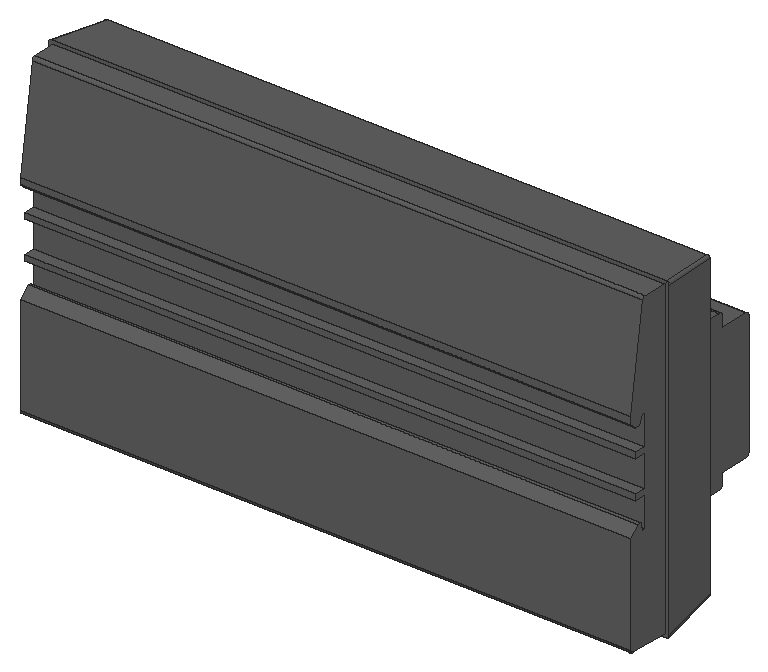
Revit family "Security_Video-Intercom_AiPhone_IXGW-GW", category Electrical Fixtures, host Wall, Revit 2026
Family settings
  Host = Wall
  Round Connector Dimension = Use Diameter
  Part Type = Normal
  Classification Number = 23.80.00.00
  Always vertical = Yes
  Cut with Voids When Loaded = No
  Maintain Annotation Orientation = No
  Shared = No
  Room Calculation Point = No
Parameters
  URL = "https://www.aiphone.co.uk/featured_item/ixgw-gw-%e2%80%a8smartphone-adaptor/"
  Type Comments = ""
  Product Information = "https://www.arcat.com/arcatcos/cos30/arc30204.html"
  Model = "IXGW-GW"
  Manufacturer = "AIPHONE"
  Keynote = ""
  Description = "Smartphone Adaptor"
  Default Elevation = 0"
  Cost = 0
  Copyright = "Arcat, Inc."
  Assembly Code = ""
Reference planes (in)
  plane 1: y = 0
  plane 2 "Center (Left/Right)": x = 0
  plane 3 "Back": y = 3
  plane 4 "Left": x = -3
  plane 5 "Right": x = 3
  plane 6 "Front": y = 7
  plane 7: z = 38.90625
  plane 8: x = 4.125
  plane 9: x = -4.125
  plane 10: z = 36.78125
  plane 11: z = 41.03125
Forms (in)
  Extrusion 1, solid, material "Black"
    sketch origin (0, 0, 0) x (0, 1, 0) y (0, 0, 1)
      loop
        line (3, 40.99329) -> (2.68728, 40.98781)
        arc (2.68728, 40.98781) -> (2.66036, 40.97666) -> (2.64921, 40.94975) r 0.03806
        line (2.64921, 40.94975) -> (2.44434, 39.64669) -> (2.44434, 39.56015) -> (2.52865, 39.48322) -> (2.56697, 39.48322) -> (2.62445, 39.59862) -> (2.67427, 39.59862) -> (2.67427, 39.19473) -> (2.52098, 39.19473) -> (2.52098, 39.11781) -> (2.67427, 39.11781) -> (2.67427, 38.69543) -> (2.52098, 38.69543) -> (2.52098, 38.61777) -> (2.67427, 38.61777) -> (2.67427, 38.21389) -> (2.63293, 38.21389) -> (2.61057, 38.31005) -> (2.57847, 38.31005) -> (2.44434, 38.19465) -> (2.44434, 36.86594)
        arc (2.44434, 36.86594) -> (2.45537, 36.83931) -> (2.48199, 36.82828) r 0.03765
        line (2.48199, 36.82828) -> (3, 36.81921) -> (3, 40.99329)
    from -4.06004 to 4.06004
  Blend 2, solid, material "Black"
    base sketch origin (0, 3, 0) x (1, 0, 0) y (0, 0, 1)
      loop
        arc (4.125, 40.99265) -> (4.1137, 41.01995) -> (4.0864, 41.03125) r 0.0386
        line (4.0864, 41.03125) -> (-4.08652, 41.03125)
        arc (-4.08652, 41.03125) -> (-4.11373, 41.01998) -> (-4.125, 40.99277) r 0.03848
        line (-4.125, 40.99277) -> (-4.125, 37.51426)
        arc (-4.125, 37.51426) -> (-4.11357, 37.48668) -> (-4.08599, 37.47525) r 0.03901
        line (-4.08599, 37.47525) -> (-3.35185, 37.47525) -> (-3.35185, 36.822)
        arc (-3.35185, 36.822) -> (-3.33992, 36.79319) -> (-3.3111, 36.78125) r 0.04075
        line (-3.3111, 36.78125) -> (4.08641, 36.78125)
        arc (4.08641, 36.78125) -> (4.1137, 36.79255) -> (4.125, 36.81984) r 0.03859
        line (4.125, 36.81984) -> (4.125, 40.99265)
    top sketch origin (0, 3, 0) x (1, 0, 0) y (0, 0, 1)
      loop
        line (4.01316, 36.90873) -> (4.01316, 40.91755)
        arc (4.01316, 40.91755) -> (4.00339, 40.94114) -> (3.9798, 40.95091) r 0.03336
        line (3.9798, 40.95091) -> (-3.98275, 40.95091)
        arc (-3.98275, 40.95091) -> (-4.00327, 40.94186) -> (-4.01316, 40.92174) r 0.03278
        line (-4.01316, 40.92174) -> (-4.01316, 37.58105)
        arc (-4.01316, 37.58105) -> (-4.00521, 37.56374) -> (-3.98799, 37.55559) r 0.02785
        line (-3.98799, 37.55559) -> (-3.28689, 37.55559)
        arc (-3.28689, 37.55559) -> (-3.25375, 37.54186) -> (-3.24002, 37.50871) r 0.04688
        line (-3.24002, 37.50871) -> (-3.24002, 36.94981)
        arc (-3.24002, 36.94981) -> (-3.21418, 36.88743) -> (-3.15179, 36.86159) r 0.08823
        line (-3.15179, 36.86159) -> (3.96602, 36.86159)
        arc (3.96602, 36.86159) -> (3.99936, 36.87539) -> (4.01316, 36.90873) r 0.04714
    from 0 to -0.80859
  Extrusion 3, solid, material "Black"
    sketch origin (0, 0, 0) x (0, 1, 0) y (0, 0, 1)
      loop
        arc (4.78194, 39.72621) -> (4.77067, 39.75341) -> (4.74347, 39.76468) r 0.03847
        line (4.74347, 39.76468) -> (4.34124, 39.7717) -> (4.34124, 39.91791)
        arc (4.34124, 39.91791) -> (4.32996, 39.94515) -> (4.30272, 39.95644) r 0.03853
        line (4.30272, 39.95644) -> (3.80858, 39.98243) -> (3.80858, 37.83007) -> (4.30272, 37.85606)
        arc (4.30272, 37.85606) -> (4.32996, 37.86735) -> (4.34124, 37.89459) r 0.03853
        line (4.34124, 37.89459) -> (4.34124, 38.0408) -> (4.74428, 38.04783)
        arc (4.74428, 38.04783) -> (4.77091, 38.05886) -> (4.78194, 38.08549) r 0.03765
        line (4.78194, 38.08549) -> (4.78194, 39.72621)
    from -3.75071 to 3.75071
  Extrusion 4, void
    sketch origin (0, 4.78194, 39.72621) x (0, 0, 1) y (-1, 0, 0)
      loop
        circle (-0.82011, -3.1735) r 0.26278
      loop
        circle (-0.82011, 3.1679) r 0.26278
      loop
        line (-1.41616, -2.72603) -> (-0.24299, -2.72603) -> (-0.24299, 2.72603) -> (-1.41616, 2.72603) -> (-1.41616, -2.72603)
    from 0 to 0.05
  Extrusion 5, void
    sketch origin (0, 4.78194, 39.72621) x (0, 0, 1) y (-1, 0, 0)
      loop
        line (-0.22622, -3.59604) -> (-0.07201, -3.44136) -> (-0.07201, 3.44137) -> (-0.22622, 3.59604) -> (-1.56787, 3.59604) -> (-1.56787, -3.59604) -> (-0.22622, -3.59604)
    from 0 to 0.03125
  Extrusion 6, void
    sketch origin (0, 3.80859, 0) x (1, 0, 0) y (0, 0, 1)
      loop
        line (1.74944, 37.71095) -> (1.18877, 37.71095) -> (1.18877, 37.51819) -> (1.74944, 37.51819) -> (1.74944, 37.71095)
      loop
        line (3.46803, 37.10547) -> (3.46803, 37.7416)
        arc (3.46803, 37.7416) -> (3.45901, 37.76338) -> (3.43723, 37.7724) r 0.0308
        line (3.43723, 37.7724) -> (1.89892, 37.7724)
        arc (1.89892, 37.7724) -> (1.87708, 37.76335) -> (1.86803, 37.74151) r 0.03089
        line (1.86803, 37.74151) -> (1.86803, 37.10547)
        arc (1.86803, 37.10547) -> (1.86011, 37.08635) -> (1.841, 37.07844) r 0.02703
        line (1.841, 37.07844) -> (1.80052, 37.07844)
        arc (1.80052, 37.07844) -> (1.77867, 37.06939) -> (1.76962, 37.04755) r 0.03089
        line (1.76962, 37.04755) -> (1.76962, 36.88314) -> (3.56642, 36.88314) -> (3.56642, 37.04764)
        arc (3.56642, 37.04764) -> (3.5574, 37.06942) -> (3.53562, 37.07844) r 0.0308
        line (3.53562, 37.07844) -> (3.49506, 37.07844)
        arc (3.49506, 37.07844) -> (3.47595, 37.08635) -> (3.46803, 37.10547) r 0.02703
      loop
        line (0.7441, 37.14808) -> (0.7441, 37.61071) -> (0.66677, 37.68782) -> (-0.66725, 37.68782) -> (-0.74458, 37.61071) -> (-0.74458, 37.14808) -> (0.7441, 37.14808)
      loop
        line (0.44418, 36.88084) -> (0.45462, 37.11933) -> (0.31872, 37.11933) -> (0.32916, 36.88084) -> (0.44418, 36.88084)
      loop
        line (0.05751, 36.88084) -> (0.06795, 37.11933) -> (-0.06795, 37.11933) -> (-0.05751, 36.88084) -> (0.05751, 36.88084)
      loop
        line (-0.32916, 36.88084) -> (-0.31872, 37.11933) -> (-0.45463, 37.11933) -> (-0.44418, 36.88084) -> (-0.32916, 36.88084)
      loop
        line (-2.61215, 37.36414) -> (-3.15349, 37.36414) -> (-3.15349, 36.94003) -> (-2.61215, 36.94003) -> (-2.61215, 37.36414)
    from 0 to 0.03125
  Extrusion 7, void
    sketch origin (0, 4.78194, 39.72621) x (0, 0, 1) y (-1, 0, 0)
      loop
        circle (-0.82034, -1.54668) r 0.05822
      loop
        circle (-0.82034, 1.54661) r 0.05822
    from 0 to 0.07031
  Extrusion 8, void
    sketch origin (0, 3.80859, 0) x (1, 0, 0) y (0, 0, 1)
      loop
        circle (3.12575, 37.4219) r 0.12413
      loop
        line (1.71487, 37.02295) -> (1.71487, 37.49272) -> (1.22383, 37.49272) -> (1.22383, 37.02295) -> (1.71487, 37.02295)
    from -0.23845 to 1
Cuts and joins
  Extrusion 4, Extrusion 6, Extrusion 8 cuts Blend 2
  Extrusion 4, Extrusion 5, Extrusion 7 cuts Extrusion 3
  Extrusion 6, Extrusion 8 cuts Extrusion 1
Text (in)
  text "Placement Side" at (0, 40.15149, 123.01588), in view "Right"
  text "Placement Side" at (-70.3804, 28.46503, 0), in view "Ref. Level"
  text "Placement Side" at (0, 83.56746, 140.59947), in view "Left"
Dimensions and locks (in)
  locked: plane 3 "Back" to host wall
  plane 8 to plane 9 = 8 1/4"
  cut or joined group of Blend 2, Extrusion 4, Extrusion 6, Extrusion 8 to cut or joined group of Blend 2, Extrusion 4, Extrusion 6, Extrusion 8 = 4 1/4"
